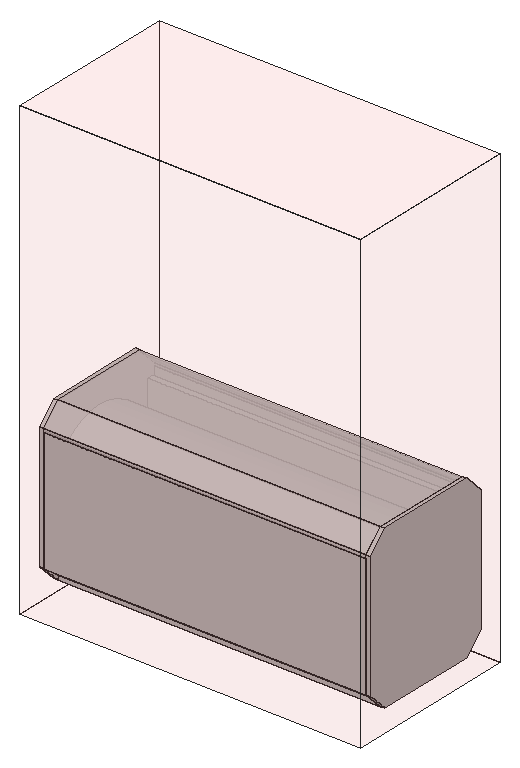
Revit family "Air-Curtain_Insect-Control_PoweredAire_RBT", category Mechanical Equipment, host Face, Revit 2016
Family settings
  Host = Face
  Part Type = Normal
  Round Connector Dimension = Use Diameter
  OmniClass Number = 23.75.35.17.21
  OmniClass Title = Air Curtains
  Cut with Voids When Loaded = No
  Shared = No
  Room Calculation Point = No
Parameters
  Warranty Duration (Years) = 0
  Unit Width Notes = "Other Widths available."  # constant formula
  Unit Width = 3' - 0"
  Unit Weight = 0
  Unit Height = 1' - 3"
  Unit Depth = 1' - 5 1/2"
  URL = "http://www.poweredaire.com/"
  Test Data = ""
  Standards Conformance = "as Specified"
  Specification = "http://www.arcat.com/sdspecs/htm04/23_34_33pai.htm"
  SpecWizard = ""
  Sound Pressure = "as Specified"
  Sales Information = "http://www.poweredaire.com/contact_us"
  Revision = "R1_2016-08"
  Projection from Host [instance] = 0' - 2"
  Product Properties = ""
  Product Data = "http://www.arcat.com/arcatcos/cos47/arc47623.html"
  Power Rating = 0 W
  Nozzle Width = if(1 = 1, Unit Width - 0' 1", 0' 0")  # 2' - 11"
  Mounting Width = if(1 = 1, Unit Width - 0' 0 15/16", 0' 0")  # 2' - 11 1/16"
  Mounting Height [instance] = 3' - 6"
  Motor RPM = 0
  Motor HP = 0
  Motor Count = 0
  Model = "As Specified"
  Max Height = 0' - 0"
  Manufacturer Website = "http://www.poweredaire.com/"
  Manufacturer Phone - Toll Free = "888-321-2473"
  Manufacturer Phone = "724-588-3305"
  Manufacturer Fax = "724-588-3371"
  Manufacturer Address = "109 Mortensen Rd.  Greenville, PA 16125"
  Manufacturer = "Powered Aire, Inc"
  Maintenance Schedule (Months) = 0
  Keynote = "23 34 33"
  Installation-Fabrication = ""
  Installation Phase = ""
  Include Clearance [instance] = yes
  Heating Element Load = 0 W
  HVAC_Temperature Rise = 0 °F
  HVAC_Outlet Volume = 0 CFM
  HVAC_Outlet Velocity Uniformity = 0
  HVAC_Outlet Velocity = 0 FPM
  Green Building-LEED = "http://www.arcat.com/green/clients/leed_data_47623.html"
  Front Grating Material [instance] = Metal - Steel - PoweredAire - Stainless 304 Perforated
  Frame Finish [instance] = Metal - Steel - PoweredAire - Stainless 304
  Expected Lifespan (Years) = 0
  Electrical_Wattage [instance] = Power Rating + Heating Element Load  # 0 W
  Electrical_Voltage [instance] = 0 V
  Electrical_Phase [instance] = 1
  Electrical_Frequency [instance] = 0 Hz
  Electrical_Amperage [instance] = 0 A
  Drawn By = "Sumex Design, Inc. / Robert S. Weygant, CSI, CDT, SCIP"
  Description = "Powered Aire Air Curtain as Specified"
  Default Elevation = 0' - 0"  # constant formula
  Copyright = "©Arcat Inc."
  Construction Details = "http://www.arcat.com/details/powair/prod3336.html"
  Clearance_Top [instance] = 0' - 2"
  Clearance_Side B [instance] = 0' - 0 1/2"
  Clearance_Side A [instance] = 0' - 0 1/2"
  Clearance_Intake [instance] = 2' - 6"
  Clearance_Bottom [instance] = 0' - 2"
  Clearance Material [instance] = ARCAT Clearance
  Building Codes = ""
  Available Options [instance] = "as Specified"
  Assembly Code = "D3090400"
Reference planes (in)
  plane 1 "Center (Elevation)": y = 0.13818
  plane 2: z = 0
  plane 3 "Center (Left/Right)": x = 0
  plane 4: y = 7.63818
  plane 5: y = -7.36182
  plane 6: x = -18
  plane 7: x = 18
  plane 8: z = 19.5
  plane 9 "FF": y = -41.86182
  plane 10: z = 2
  plane 11: x = 17.5
  plane 12: x = -17.5
  plane 13: y = 9.63818
  plane 14: y = -9.36182
  plane 15: x = -18.5
  plane 16: x = 18.5
  plane 17: z = 49.5
Forms (in)
  Extrusion 1, solid, material "Metal - Steel - PoweredAire - Stainless 304" <- "Frame Finish"
    sketch origin (0, 0, 0) x (0, 1, 0) y (0, 0, 1)
      loop
        line (5.69363, 2) -> (7.63818, 3.94454) -> (7.63818, 17.55546) -> (5.69363, 19.5) -> (-5.41728, 19.5) -> (-7.36182, 17.55546) -> (-7.36182, 3.94454) -> (-5.41728, 2) -> (5.69363, 2)
    from 17.5 to 18
  Extrusion 2, solid, material "Metal - Steel - PoweredAire - Stainless 304" <- "Frame Finish"
    sketch origin (0, 0, -0.5) x (0, 1, 0) y (0, 0, 1)
      loop
        circle (0.13818, 10.9739) r 6.25
      loop
        line (6.63818, 16.89427) -> (6.63818, 5.87829) -> (7.33849, 5.87829) -> (7.33849, 16.89427) -> (6.63818, 16.89427)
      loop
        line (-7.02798, 16.76927) -> (-7.02798, 5.75329) -> (-6.36182, 5.75329) -> (-6.36182, 16.76927) -> (-7.02798, 16.76927)
    from -17.5 to 17.5
  Extrusion 3, solid, material "Metal - Steel - PoweredAire - Stainless 304" <- "Frame Finish"
    sketch origin (0, 0, 0) x (0, 1, 0) y (0, 0, -1)
      loop
        line (5.69363, -2) -> (-5.41728, -2) -> (-7.36182, -3.94454) -> (-7.36182, -17.55546) -> (-5.41728, -19.5) -> (5.69363, -19.5) -> (7.63818, -17.55546) -> (7.63818, -3.94454) -> (5.69363, -2)
    from 17.5 to 18
  Extrusion 4, solid, material "Metal - Steel - PoweredAire - Stainless 304" <- "Frame Finish"
    sketch origin (0, 0, 0) x (0, 1, 0) y (0, 0, 1)
      loop
        line (-5.41728, 2) -> (5.69363, 2) -> (7.63818, 3.94454) -> (7.63818, 17.19454) -> (7.51318, 17.19454) -> (7.51318, 3.99632) -> (5.64186, 2.125) -> (-5.29228, 2.125) -> (-5.29228, 4.06954) -> (-7.23682, 4.06954) -> (-7.23682, 17.19454) -> (-7.36182, 17.19454) -> (-7.36182, 3.94454) -> (-5.41728, 3.94454) -> (-5.41728, 2)
      loop
        line (-6.64819, 3.61034) -> (-5.8702, 2.83235) -> (-5.74472, 2.95783) -> (-6.52271, 3.73583) -> (-6.64819, 3.61034)
    from -17.5 to 17.5
  Extrusion 5, solid, material "Metal - Steel - PoweredAire - Stainless 304 Perforated" <- "Front Grating Material"
    sketch origin (0, 0, 0) x (0, 1, 0) y (0, 0, 1)
      loop
        line (-7.36182, 17.19454) -> (-7.23682, 17.19454) -> (-7.23682, 17.50368) -> (-5.3655, 19.375) -> (5.64186, 19.375) -> (7.51318, 17.50368) -> (7.51318, 17.19454) -> (7.63818, 17.19454) -> (7.63818, 17.55546) -> (5.69363, 19.5) -> (-5.41728, 19.5) -> (-7.36182, 17.55546) -> (-7.36182, 17.19454)
    from -17.5 to 17.5
  Extrusion 6, solid, material "ARCAT Clearance" <- "Clearance Material", visible <- "Include Clearance"
    sketch origin (0, 0, 0) x (0, 1, 0) y (0, 0, 1)
      loop
        line (-9.36182, 49.5) -> (-9.36182, 0) -> (9.63818, 0) -> (9.63818, 49.5) -> (-9.36182, 49.5)
    from -18.5 to 18.5
Dimensions and locks (in)
  equal spacing: plane 4, plane 1 "Center (Elevation)", plane 5
  "Unit Height": plane 4 to plane 5
  equal spacing: plane 6, plane 3 "Center (Left/Right)", plane 7
  "Unit Width": plane 6 to plane 7
  "Mounting Height": plane 1 "Center (Elevation)" to plane 9 "FF"
  "Projection from Host": plane 10 to level
  "Unit Depth": plane 8 to plane 10
  locked: plane 6 to plane 12 at 0.5
  locked: plane 11 to plane 7 at 0.5
  "Clearance_Side A": plane 7 to plane 16
  "Clearance_Side B": plane 15 to plane 6
  "Clearance_Top": plane 13 to plane 4
  "Clearance_Bottom": plane 5 to plane 14
  "Clearance_Intake": plane 17 to plane 8
  aligned and locked: plane 2 to host face
  aligned and locked: level to host face
  aligned and locked: plane 7 to Extrusion 1
  aligned and locked: Extrusion 1 to plane 11
  aligned and locked: plane 12 to Extrusion 3
  aligned and locked: Extrusion 3 to plane 6
  aligned and locked: Extrusion 2 to plane 12
  aligned and locked: plane 11 to Extrusion 2
  aligned and locked: plane 11 to Extrusion 4
  aligned and locked: Extrusion 4 to plane 12
  aligned and locked: plane 11 to Extrusion 5
  aligned and locked: Extrusion 5 to plane 12
  aligned and locked: Extrusion 6 sketch curve to plane 17
  aligned and locked: plane 14 to Extrusion 6 sketch curve
  aligned and locked: level to Extrusion 6 sketch curve
  aligned and locked: Extrusion 6 sketch curve to plane 13
  aligned and locked: plane 16 to Extrusion 6
  aligned and locked: Extrusion 6 to plane 15
Automatic sketch dimensions
  host sketch curve to host sketch curve = 8' - 0"  (x2)
  Extrusion 1 sketch curve to plane 5 = 0' - 0"
  Extrusion 1 sketch curve to plane 8 = 0' - 0"
  Extrusion 1 sketch curve to plane 10 = 0' - 0"
  Extrusion 1 sketch curve to plane 4 = 0' - 0"
  plane 5 to Extrusion 1 sketch curve = 0' - 1.94454"  (x2)
  Extrusion 1 sketch curve to plane 4 = 0' - 1.94454"  (x2)
  plane 10 to Extrusion 1 sketch curve = 0' - 1.94454"  (x2)
  Extrusion 1 sketch curve to plane 8 = 0' - 1.94454"  (x2)
  Extrusion 2 sketch curve to plane 1 "Center (Elevation)" = 0' - 0"
  plane 5 to Extrusion 2 sketch curve = 0' - 1"
  plane 5 to Extrusion 2 sketch curve = 0' - 0.33384"
  Extrusion 2 sketch curve to plane 4 = 0' - 1"
  Extrusion 2 sketch curve to plane 4 = 0' - 0.29969"
  plane 10 to Extrusion 2 sketch curve = 0' - 3.37829"
  plane 10 to Extrusion 2 sketch curve = 0' - 3.25329"
  Extrusion 2 sketch curve to plane 8 = 0' - 9.0261"
  Extrusion 2 sketch curve to plane 8 = 0' - 3.23073"
  Extrusion 2 sketch curve to plane 8 = 0' - 3.10573"
  Extrusion 3 sketch curve to plane 5 = 0' - 0"
  Extrusion 3 sketch curve to plane 8 = 0' - 0"
  Extrusion 3 sketch curve to plane 10 = 0' - 0"
  Extrusion 3 sketch curve to plane 4 = 0' - 0"
  plane 5 to Extrusion 3 sketch curve = 0' - 1.94454"  (x2)
  Extrusion 3 sketch curve to plane 4 = 0' - 1.94454"  (x2)
  Extrusion 3 sketch curve to plane 8 = 0' - 1.94454"  (x2)
  plane 10 to Extrusion 3 sketch curve = 0' - 1.94454"  (x2)
  Extrusion 4 sketch curve to plane 5 = 0' - 0"
  Extrusion 4 sketch curve to plane 10 = 0' - 0"
  Extrusion 4 sketch curve to plane 4 = 0' - 0"
  plane 5 to Extrusion 4 sketch curve = 0' - 0 1/8"
  plane 5 to Extrusion 4 sketch curve = 0' - 0.71363"
  Extrusion 4 sketch curve to Extrusion 4 sketch curve = 0' - 0.12548"  (x2)
  Extrusion 4 sketch curve to Extrusion 4 sketch curve = 0' - 0.778"
  Extrusion 4 sketch curve to Extrusion 4 sketch curve = 0' - 0.32744"
  Extrusion 4 sketch curve to Extrusion 4 sketch curve = 0' - 0 1/8"  (x2)
  plane 10 to Extrusion 4 sketch curve = 0' - 0 1/8"
  Extrusion 4 sketch curve to plane 4 = 0' - 1.99632"
  Extrusion 4 sketch curve to Extrusion 4 sketch curve = 0' - 0.05178"  (x2)
  plane 10 to Extrusion 4 sketch curve = 0' - 0.83235"
  plane 10 to Extrusion 4 sketch curve = 0' - 1.94454"
  Extrusion 4 sketch curve to Extrusion 4 sketch curve = 0' - 0.3342"
  Extrusion 4 sketch curve to plane 4 = 0' - 0 1/8"
  Extrusion 4 sketch curve to plane 8 = 0' - 2.30546"  (x2)
  Extrusion 5 sketch curve to plane 5 = 0' - 0"
  Extrusion 5 sketch curve to plane 8 = 0' - 0"
  Extrusion 5 sketch curve to plane 4 = 0' - 0"
  plane 5 to Extrusion 5 sketch curve = 0' - 0 1/8"
  plane 5 to Extrusion 5 sketch curve = 0' - 1.94454"
  Extrusion 5 sketch curve to plane 8 = 0' - 0 1/8"
  Extrusion 5 sketch curve to Extrusion 5 sketch curve = 0' - 0.05178"  (x4)
  Extrusion 5 sketch curve to plane 4 = 0' - 1.99632"
  Extrusion 5 sketch curve to plane 8 = 0' - 1.94454"  (x2)
  Extrusion 5 sketch curve to Extrusion 5 sketch curve = 0' - 0 1/8"
  Extrusion 5 sketch curve to Extrusion 5 sketch curve = 0' - 0.30914"  (x2)
  radius of Extrusion 2 sketch curve = 0' - 6 1/4"
Connectors (in)
  electrical at (0, 7.63818, 10.56954), driven by "Electrical_Phase", driven by "Electrical_Voltage"
    settings: on Extrusion 4, index 1, voltage 0 V, apparent load 0 VA, apparent load phase1 0 VA, apparent load phase2 0 VA, apparent load phase3 0 VA, power factor 1, load classification "Motor", number of poles 1, system type 31, power factor state 1, is connector primary yes, connector utility no, sub classification motor no, connector description ""
